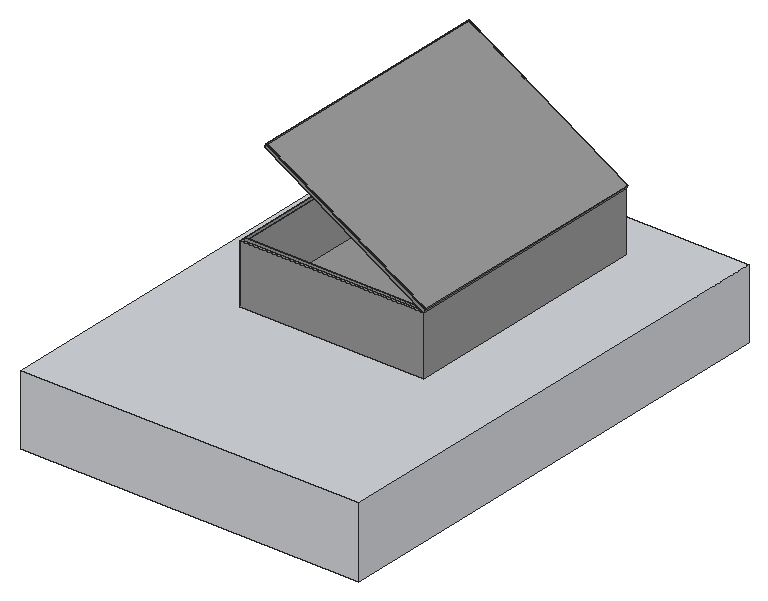
Revit family "Hager-Univers-IP55-D275-H1100-Cl.II-Steel_encl-SE-en", category Equipement électrique, Revit 2020
Family settings
  Hôte = Face
  Configuration du panneau = Deux colonnes, circuits au sein
  Cote de connecteur circulaire = Utiliser le diamètre
  Type d'élément = Tableau de raccordement
  Couper avec des vides une fois chargée = Non
  Partagée = Non
  Point de calcul de pièce = Non
Parameters (values of type "Surface mounted (plaster) IP55 W800 H1100 D275  - FR73S")
  Width Control [instance] = if([EF000008 - Width] > Min Width, [EF000008 - Width], Min Width)  # 800 mm
  Commentaires du type = [HG000003 - Range]  # "Univers"
  Thickness Door [instance] = if([EF009171 - Material plate thickness door/cover] > 3 mm, 3 mm, [EF009171 - Material plate thickness door/cover])  # 1.5 mm
  Seal Frame Offset [instance] = 17 mm  # constant formula
  Plinth Visibility [instance] = [HG000027 - Plinth height] > 0 mm  # no
  Model = ""
  Min Width [instance] = 100 mm  # constant formula
  Min Height [instance] = 100 mm  # constant formula
  Min Depth [instance] = (2 * [EF009170 - Material plate thickness cabinet]) + 1 mm  # 4 mm
  Internal Frame Depth [instance] = (Door System Depth * 0.5)  # 9 mm
  Height Control [instance] = if([EF000040 - Height] > Min Height, [EF000040 - Height], Min Height)  # 1100 mm
  HG000027 - Plinth height = 0 mm
  HG000026 - Floor standing = no
  HG000024 - Bottom section height = 800 mm
  HG000023 - Double section enclosure = no
  HG000016 - Door 3d visibility [instance] = yes
  HG000015 - Clearance visibility [instance] = no
  HG000014 - Door on the right [instance] = yes
  HG000013 - Door on the left [instance] = not([HG000014 - Door on the right])  # no
  HG000012 - Door swing angle [instance] = 30.00°
  HG000010 - Asymmetric doors = no
  HG000009 - Double swing door = no
  HG000006 - Flush mounted = no
  HG000004 - Manufacturer reference = "FR73S"
  HG000003 - Range = "Univers"
  HG000002 - With door or cover = yes
  Frame Offset Bottom [instance] = 10 mm  # constant formula
  Frame Offset [instance] = 15 mm  # constant formula
  EF015940 - Cover with overpressure release = no
  EF011959 - Degree of protection (NEMA) = ""
  EF009554 - Number of openings for flange plates = 6
  EF009212 - Cover model = "EV000116 - Closed"
  EF009171 - Material plate thickness door/cover = 1.5 mm
  EF009170 - Material plate thickness cabinet = 1.5 mm
  Fabricant = "Hager"  # constant formula
  EF008873 - Nominal current (In) = 800 A
  EF007800 - Suitable for lightning protection = no
  EF006306 - With lock = no
  EF006244 - Transparent cover/door = no
  EF005474 - Degree of protection (IP) = "EV006420 - IP55"
  EF004464 - Type of door = "EV002646 - Single"
  EF004427 - Number of modules = 252
  EF004293 - Impact strength = "EV008784 - IK10"
  EF003532 - Suitable for outdoor use = no
  EF002950 - Width in number of modular spacings = 24
  EF001613 - Circuit integrity = "EV000494 - None"
  EF001596 - Material housing = "EV000179 - Steel"
  EF001131 - Internal depth = 275 mm
  EF001088 - Extension possible = yes
  EF000437 - Number of conduit inlets = 6
  EF000339 - Type of cover = "EV004216 - Door"
  EF000266 - Number of rows = 7
  EF000218 - Built-in depth = 0 mm
  EF000118 - With mounting plate = no
  EF000116 - RAL-number = "7035"
  EF000049 - Depth = 275 mm
  EF000040 - Height = 1100 mm
  EF000008 - Width = 800 mm
  EF000007 - Colour = "EV000270 - Grey"
  EF000003 - Mounting method = "EV000384 - Surface mounted (plaster)"
  Door System Leaf Tolerance [instance] = 1.5 mm  # constant formula
  Door System Depth [instance] = 18 mm  # constant formula
  Door Height [instance] = Height Control - [HG000027 - Plinth height]  # 1100 mm
  Depth Control [instance] = if([EF000049 - Depth] > Min Depth, [EF000049 - Depth], Min Depth)  # 275 mm
  Default Elevation = 0 mm
  Connector Offset [instance] = Height Control / 2  # 550 mm
  Bottom Top Plate Trim [instance] = 1.5 mm  # constant formula
  Plinth height Ctrl [instance] = if([HG000027 - Plinth height] > 0 mm, [HG000027 - Plinth height], 12 mm)  # 12 mm
Types (5, lengths in mm): name | Width Control | HG000010 - Asymmetric doors | HG000009 - Double swing door | HG000004 - Manufacturer reference | EF009554 - Number of openings for flange plates | EF004464 - Type of door | EF004427 - Number of modules | EF000437 - Number of conduit inlets | EF000008 - Width
  Surface mounted (plaster) IP55 W1050 H1100 D275  - FR74S | 1050 | no | yes | "FR74S" | 8 | "EV003602 - Double" | 336 | 8 | 1050
  Surface mounted (plaster) IP55 W1300 H1100 D275  - FR75S | 1300 | yes | yes | "FR75S" | 10 | "EV003602 - Double" | 420 | 10 | 1300
  Surface mounted (plaster) IP55 W300 H1100 D275  - FR71S | 300 | no | no | "FR71S" | 2 | "EV002646 - Single" | 84 | 2 | 300
  Surface mounted (plaster) IP55 W550 H1100 D275  - FR72S | 550 | no | no | "FR72S" | 4 | "EV002646 - Single" | 168 | 4 | 550
  Surface mounted (plaster) IP55 W800 H1100 D275  - FR73S | 800 | no | no | "FR73S" | 6 | "EV002646 - Single" | 252 | 6 | 800
Reference planes
  plane 1 "Center (Front/Back)": y = 0
  plane 2: z = 0
  plane 3 "Center (Left/Right)": x = 0
  plane 4: z = 275
  plane 5: y = 1.5
  plane 6: y = 550
  plane 7: y = 0
  plane 8: y = 1100
  plane 9: z = 0
  plane 10: x = -385
  plane 11: x = 385
  plane 12: x = 383.5
  plane 13: x = -383.5
  plane 14: y = 1098.5
  plane 15: x = -383
  plane 16: x = -400
  plane 17: x = 383
  plane 18: x = 400
  plane 19: x = 398.5
  plane 20: x = -398.5
  plane 21: y = 11.5
  plane 22: y = 1100
  plane 23: y = 1083.5
  plane 24: z = 257
  plane 25: z = 1.5
  plane 26: z = 255.5
  plane 27: z = 273.5
Forms (mm)
  Extrusion 1, solid
    sketch origin (0, 0, 0) x (1, 0, 0) y (0, 1, 0)
      loop
        line (-702.964, 1305) -> (-702.964, -811.445) -> (766.763, -811.445) -> (766.763, 1305) -> (-702.964, 1305)
    from 0 to -304.8
  Extrusion 2, solid, material "Hager_Steel_RAL7035_Light_Grey", visible <- "Plinth Visibility", detail levels medium+fine
    sketch origin (0, 0, 0) x (1, 0, 0) y (0, 1, 0)
      loop
        line (-400, 0) -> (400, 0) -> (400, 12) -> (-400, 12) -> (-400, 0)
    from 0 to 257
  Extrusion 3, solid, material "Hager_Steel_RAL7035_Light_Grey", detail levels medium+fine
    sketch origin (0, 0, 0) x (1, 0, 0) y (0, 1, 0)
      loop
        line (-400, 0) -> (400, 0) -> (400, 1100) -> (-400, 1100) -> (-400, 0)
    from 0 to 257
  Extrusion 4, void
    sketch origin (0, 0, 0) x (1, 0, 0) y (0, 1, 0)
      loop
        line (-398.5, 1.5) -> (398.5, 1.5) -> (398.5, 1098.5) -> (-398.5, 1098.5) -> (-398.5, 1.5)
    from 1.5 to 255.5
  Extrusion 5, void
    sketch origin (-381.607, -4572, 257) x (0, -1, 0) y (-1, 0, 0)
      loop
        line (-4583.5, 1.893) -> (-5655.5, 1.893) -> (-5655.5, -765.107) -> (-4583.5, -765.107) -> (-4583.5, 1.893)
    from 0 to 1.5 <- "EF009170 - Material plate thickness cabinet"
  Extrusion 6, solid, material "Hager_Steel_RAL7035_Light_Grey", detail levels fine
    sketch origin (0, 0, 257) x (1, 0, 0) y (0, 1, 0)
      loop
        line (-383.5, 1083.5) -> (-383.5, 11.5) -> (383.5, 11.5) -> (383.5, 1083.5) -> (-383.5, 1083.5)
      loop
        line (-385, 10) -> (385, 10) -> (385, 1085) -> (-385, 1085) -> (-385, 10)
    from 0 to 9 <- "Internal Frame Depth"
  Extrusion 7, solid, material "Hager_Steel_RAL7035_Light_Grey", detail levels coarse
    sketch origin (0, 0, 0) x (1, 0, 0) y (0, 1, 0)
      loop
        line (-400, 0) -> (400, 0) -> (400, 1100) -> (-400, 1100) -> (-400, 0)
    from 0 to 275
  Sweep 8, void
    path in 3D
      loop
        line (-400, 12, 0) -> (400, 12, 0) -> (400, 12, 257) -> (-400, 12, 257) -> (-400, 12, 0)
    profile origin (-400, 12, 128.5) x (-1, 0, 0) y (0, -1, 0)
      loop
        line (0, 0) -> (0, 1.5) -> (-1.5, 1.5)
        arc (-1.5, 1.5) -> (-1.061, 0.439) -> (0, 0) r 1.5
Cuts and joins
  Extrusion 4, Extrusion 5 cuts Extrusion 3
  Sweep 8 cuts Extrusion 2
Lines and regions (mm)
  Masking region 1
    outline origin (0, 0, 0) x (1, 0, 0) y (0, 0, 1)
      loop
        line (-400, 275) -> (-400, 0) -> (400, 0) -> (400, 275) -> (-400, 275)
  Masking region 2, detail levels medium+fine
    outline origin (0, 140, 0) x (0, 1, 0) y (0, 0, 1)
      loop
        line (-140, 0) -> (960, 0) -> (960, 257) -> (-140, 257) -> (-140, 0)
  Masking region 3, not visible, detail levels medium+fine
    outline origin (0, 297.922, 0) x (0, 1, 0) y (0, 0, 1)
      loop
        line (263.578, 0) -> (303.578, 0) -> (303.578, 263.5)
        arc (303.578, 263.5) -> (300.649, 270.571) -> (293.578, 273.5) r 10
        line (293.578, 273.5) -> (263.578, 273.5) -> (263.578, 0)
  Masking region 4, detail levels coarse
    outline origin (0, 0, 180) x (0, 1, 0) y (0, 0, 1)
      loop
        line (0, -180) -> (1100, -180) -> (1100, 95) -> (0, 95) -> (0, -180)
  Masking region 5, visible <- "Plinth Visibility", detail levels medium+fine
    outline origin (0, 52.24, 12.345) x (0, 0, -1) y (0, 1, 0)
      loop
        line (10.845, -40.24) -> (-243.155, -40.24)
        arc (-243.155, -40.24) -> (-243.594, -41.301) -> (-244.655, -41.74) r 1.5
        line (-244.655, -41.74) -> (-244.655, -52.24) -> (12.345, -52.24) -> (12.345, -41.74)
        arc (12.345, -41.74) -> (11.285, -41.301) -> (10.845, -40.24) r 1.5
  Masking region 6, detail levels medium+fine
    outline origin (-381.607, -4572, 257) x (-1, 0, 0) y (0, -1, 0)
      loop
        line (18.393, -5672) -> (18.393, -4572) -> (-781.607, -4572) -> (-781.607, -5672) -> (18.393, -5672)
  Masking region 7, visible <- "Plinth Visibility", detail levels medium+fine
    outline origin (-381.607, -4727, 257) x (-1, 0, 0) y (0, -1, 0)
      loop
        arc (16.893, -4739) -> (17.332, -4737.939) -> (18.393, -4737.5) r 1.5
        line (18.393, -4737.5) -> (18.393, -4727) -> (-781.607, -4727) -> (-781.607, -4737.5)
        arc (-781.607, -4737.5) -> (-780.546, -4737.939) -> (-780.107, -4739) r 1.5
        line (-780.107, -4739) -> (16.893, -4739)
  Masking region 8, detail levels coarse
    outline origin (-442.548, -4669.526, 257) x (-1, 0, 0) y (0, -1, 0)
      loop
        line (-42.548, -5769.526) -> (-42.548, -4669.526) -> (-842.548, -4669.526) -> (-842.548, -5769.526) -> (-42.548, -5769.526)
  sketch lines
    curve 1: line (-400, 12, 257) -> (-400, 12, 0)
    curve 2: line (400, 12, 257) -> (-400, 12, 257)
    curve 3: line (400, 12, 257) -> (400, 12, 0)
    curve 4: line (-400, 12, 0) -> (400, 12, 0)
Dimensions and locks
  "Depth Control": plane 4 to Extrusion 1
  "HG000027 - Plinth height": plane 1 "Center (Front/Back)" to plane 7
  "EF009170 - Material plate thickness cabinet": plane 5 to plane 7
  locked: connector elem to plane 3 "Center (Left/Right)"
  equal spacing: plane 8, plane 6, plane 7
  locked: connector elem to plane 6
  "EF009170 - Material plate thickness cabinet": plane 8 to plane 14
  "EF009170 - Material plate thickness cabinet": plane 10 to plane 13
  "EF009170 - Material plate thickness cabinet": plane 12 to plane 11
  "Frame Offset": plane 20 to plane 13
  "Frame Offset": plane 12 to plane 19
  "EF009170 - Material plate thickness cabinet": plane 16 to plane 20
  "EF009170 - Material plate thickness cabinet": plane 19 to plane 18
  "Seal Frame Offset": plane 16 to plane 15
  "Seal Frame Offset": plane 17 to plane 18
  "Frame Offset Bottom": plane 21 to plane 5
  "Frame Offset": plane 14 to plane 23
  equal spacing: plane 16, plane 3 "Center (Left/Right)", plane 18
  "Width Control": plane 16 to plane 18
  "EF009170 - Material plate thickness cabinet": plane 4 to plane 27
  "EF009170 - Material plate thickness cabinet": plane 24 to plane 26
  "EF009170 - Material plate thickness cabinet": plane 25 to level
  "Door System Depth": plane 4 to plane 24
  "Height Control": plane 1 "Center (Front/Back)" to Extrusion 7 sketch curve
  "Height Control": Masking region 4 sketch curve to plane 1 "Center (Front/Back)"
  "Height Control": plane 1 "Center (Front/Back)" to plane 22
  "Bottom Top Plate Trim": profile plane to Sweep 8 sketch curve
  "Bottom Top Plate Trim": Sweep 8 sketch curve to profile plane
  "Plinth height Ctrl": plane 1 "Center (Front/Back)" to Extrusion 2 sketch curve
  "Plinth height Ctrl": Masking region 5 sketch curve to plane 1 "Center (Front/Back)"
  "Plinth height Ctrl": plane 1 "Center (Front/Back)" to Masking region 7 sketch curve
  "Thickness Door": Extrusion 6 sketch curve to Extrusion 6 sketch curve  (x3)
  "Thickness Door": cut or joined group of Extrusion 3, Extrusion 4, Extrusion 5 to Extrusion 6 sketch curve
  radius of Masking region 3 sketch curve = 10 mm
  "Bottom Top Plate Trim": radius of Masking region 5 sketch curve  (x2)
  "Bottom Top Plate Trim": radius of Sweep 8 sketch curve
  "Bottom Top Plate Trim": radius of Masking region 7 sketch curve  (x2)
  aligned and locked: plane 2 to Extrusion 1
  aligned and locked: level to Extrusion 1
  aligned and locked: level to Masking region 1 sketch curve
  aligned and locked: Masking region 1 sketch curve to plane 18
  aligned and locked: Masking region 1 sketch curve to plane 16
  aligned and locked: plane 7 to Masking region 2 sketch curve
  aligned and locked: level to Masking region 3 sketch curve
  aligned and locked: Masking region 3 sketch curve to plane 27
  aligned and locked: level to Masking region 2 sketch curve
  aligned and locked: plane 1 "Center (Front/Back)" to Extrusion 2 sketch curve
  aligned and locked: Extrusion 3 sketch curve to plane 7
  aligned and locked: plane 16 to Extrusion 3 sketch curve
  aligned and locked: plane 18 to Extrusion 3 sketch curve
  aligned and locked: plane 20 to Extrusion 4 sketch curve
  aligned and locked: plane 19 to Extrusion 4 sketch curve
  aligned and locked: Extrusion 4 sketch curve to plane 5
  aligned and locked: Extrusion 4 to plane 25
  aligned and locked: plane 26 to Extrusion 4
  aligned and locked: plane 24 to Extrusion 3
  aligned and locked: Extrusion 5 sketch curve to plane 21
  aligned and locked: Extrusion 5 sketch curve to plane 13
  aligned and locked: Extrusion 5 sketch curve to plane 12
  aligned and locked: plane 18 to Extrusion 7 sketch curve
  aligned and locked: plane 1 "Center (Front/Back)" to Extrusion 7 sketch curve
  aligned and locked: plane 16 to Extrusion 7 sketch curve
  aligned and locked: plane 4 to Extrusion 7
  aligned and locked: Extrusion 7 to level
  aligned and locked: level to Masking region 4 sketch curve
  aligned and locked: Masking region 4 sketch curve to plane 1 "Center (Front/Back)"
  aligned and locked: Masking region 4 sketch curve to plane 4
  aligned and locked: nested 1 to level
  aligned and locked: nested 1 to plane 16
  aligned and locked: plane 8 to Extrusion 3 sketch curve
  aligned and locked: plane 23 to Extrusion 5 sketch curve
  aligned and locked: plane 14 to Extrusion 4 sketch curve
  aligned and locked: Masking region 2 sketch curve to plane 8
  aligned and locked: level to Masking region 5 sketch curve
  aligned and locked: plane 16 to Extrusion 2 sketch curve
  aligned and locked: plane 18 to Extrusion 2 sketch curve
  aligned and locked: Masking region 5 sketch curve to plane 24
  aligned and locked: Masking region 2 sketch curve to plane 24
  aligned and locked: plane 24 to Extrusion 2
  aligned and locked: profile plane to Sweep 8 sketch curve  (x2)
  aligned and locked: Masking region 6 sketch curve to plane 18
  aligned and locked: Masking region 6 sketch curve to plane 22
  aligned and locked: Masking region 6 sketch curve to plane 16
  aligned and locked: plane 8 to plane 22
  aligned and locked: Masking region 6 sketch curve to plane 7
  aligned and locked: Masking region 7 sketch curve to plane 16
  aligned and locked: Masking region 7 sketch curve to plane 1 "Center (Front/Back)"
  aligned and locked: Masking region 7 sketch curve to plane 18
  aligned and locked: Masking region 8 sketch curve to plane 1 "Center (Front/Back)"
  aligned and locked: Masking region 8 sketch curve to plane 18
  aligned and locked: Masking region 8 sketch curve to plane 22
  aligned and locked: Masking region 8 sketch curve to plane 16
  aligned and locked: nested 2 to plane 7
  aligned and locked: plane 3 "Center (Left/Right)" to nested 2
  aligned and locked: nested 2 to plane 24
  aligned and locked: Extrusion 6 sketch curve to cut or joined group of Extrusion 3, Extrusion 4, Extrusion 5  (x4)
Automatic sketch dimensions
  Extrusion 1 sketch curve to Extrusion 1 sketch curve = 1469.727 mm
  Extrusion 1 sketch curve to Extrusion 1 sketch curve = 2116.445 mm
  Masking region 1 sketch curve to plane 4 = 0 mm
  plane 6 to Masking region 3 sketch curve = 11.5 mm
  Masking region 3 sketch curve to Masking region 3 sketch curve = 30 mm
  Masking region 5 sketch curve to plane 1 "Center (Front/Back)" = 0 mm
Nested families
  nested 1: "Hager_Enclosure_Symbol" at (-400, 0, 0) x (1, 0, 0) z (0, -1, 0), Height <- "Depth Control", Width <- "Width Control", type "Hager_Enclosure_Symbol"
    with Width_Ctrl 800 mm, Width 800 mm, Height_Ctrl 275 mm, Height 275 mm, A_Width_Int 18.047 mm, A_Width 216.562 mm, A_Height_Ctrl 240.625 mm, A_Height 240.625 mm
  nested 2: "EC000058_Univers_Door" at (0, 0, 257) x (1, 0, 0) z (0, 1, 0), Leaf_Tolerance <- "Door System Leaf Tolerance", Angle <- "HG000012 - Door swing angle", Door_Depth <- "Door System Depth", Door_Left <- "HG000013 - Door on the left", Transparent <- "EF006244 - Transparent cover/door", Assymetrical <- "HG000010 - Asymmetric doors", Width <- "Width Control", Clearance <- "HG000015 - Clearance visibility", Double <- "HG000009 - Double swing door", 3d_Door <- "HG000016 - Door 3d visibility", Lock_Visibility <- "EF006306 - With lock", Width_Ctrl <- "Width Control", Door_Right <- "HG000014 - Door on the right", Door <- "HG000002 - With door or cover", Height <- "Door Height", Thickness <- "Thickness Door", type "EC000058_Univers_Door", detail levels medium+fine
    with min_wh 4 mm, Width_Ctrl 800 mm, Width 800 mm, Transparent no, Thickness 1.5 mm, Seal_Material Hager_Rubber, Lock_Visibility no, Lock_Material Hager_Plastic_RAL9005_Jet_Black, Leaf_Width 800 mm, Leaf_Tolerance_External_Sides 0 mm, Leaf_Tolerance 1.5 mm, Leaf_Offset 0 mm, Leaf_Height 1097 mm, Leaf_2_Width 800 mm, Leaf_2_Offset 400 mm, Leaf_1_Width 800 mm, Leaf_1_Offset 400 mm, Height_Ctrl 1100 mm, Height 1100 mm, Glass_Material Hager_Glass, Double_Clearance_Ctrl no, Double no, Door_Right_Ctrl yes, Door_Right yes, Door_Material Hager_Steel_RAL7035_Light_Grey, Door_Left_Ctrl no, Door_Left no, Door_Depth 18 mm, Door yes, Clearance_Material Hager_Clearance, Clearance_Depth 800 mm, Clearance_Ctrl no, Clearance no, Assymetrical no, Angle 30.00°, 3d_Door yes
Connectors
  electrical at (0, 550, 0)
    settings: on plane 9, index 1, voltage 0 V, apparent load 0 VA, apparent load phase1 0 VA, apparent load phase2 0 VA, apparent load phase3 0 VA, power factor 1, load classification "Other", number of poles 1, system type 30, power factor state 1, is connector primary yes, connector utility no, sub classification motor no, connector description ""
Definition of nested family "EC000058_Univers_Door"
  Parameters (values of type "EC000058_Univers_Door")
    min_wh [instance] = (2 * Thickness) + 1 mm  # 11 mm
    Width_Ctrl [instance] = 400 mm
    Width [instance] = 500 mm
    Transparent [instance] = yes
    Thickness [instance] = 5 mm
    Seal_Material [instance] = none
    Lock_Visibility [instance] = yes
    Lock_Material [instance] = none
    Leaf_Width [instance] = if((Width_Ctrl - 2 * Leaf_Tolerance_External_Sides) > 0 mm, (Width_Ctrl - 2 * Leaf_Tolerance_External_Sides), min_wh)  # 400 mm
    Leaf_Tolerance_External_Sides [instance] = 0 mm  # constant formula
    Leaf_Tolerance [instance] = 1.5 mm
    Leaf_Offset [instance] = 0 mm  # constant formula
    Leaf_Height [instance] = if((Height_Ctrl - 2 * Leaf_Tolerance) > 0 mm, (Height_Ctrl - 2 * Leaf_Tolerance), min_wh)  # 497 mm
    Leaf_2_Width [instance] = if(and(and(Double, Assymetrical), Door_Left), (Leaf_Width / 3) - (Leaf_Tolerance / 2), if(and(and(Double, Assymetrical), Door_Right), (Leaf_Width / 3) * 2 - (Leaf_Tolerance / 2), if(and(Double, not(Assymetrical)), (Leaf_Width / 2) - Leaf_Tolerance, Leaf_Width)))  # 400 mm
    Leaf_2_Offset [instance] = if(and(Double, Assymetrical), Leaf_2_Width / 2, if(and(Double, not(Assymetrical)), Leaf_Width / 4, Leaf_Width / 2))  # 200 mm
    Leaf_1_Width [instance] = if(and(and(Double, Assymetrical), Door_Right), (Leaf_Width / 3) - (Leaf_Tolerance / 2), if(and(and(Double, Assymetrical), Door_Left), (Width / 3) * 2 - (Leaf_Tolerance / 2), if(and(Double, not(Assymetrical)), (Leaf_Width / 2) - Leaf_Tolerance, Leaf_Width)))  # 400 mm
    Leaf_1_Offset [instance] = if(and(Double, Assymetrical), Leaf_1_Width / 2, if(and(Double, not(Assymetrical)), Leaf_Width / 4, Leaf_Width / 2))  # 200 mm
    Height_Ctrl [instance] = if(Height > min_wh, Height, min_wh)  # 500 mm
    Height [instance] = 500 mm
    Glass_Material [instance] = none
    Double_Clearance_Ctrl [instance] = and(Double, Clearance)  # no
    Double [instance] = no
    Door_Right_Ctrl [instance] = and(or(Door_Right, Double), Door)  # yes
    Door_Right [instance] = yes
    Door_Material [instance] = none
    Door_Left_Ctrl [instance] = and(or(Door_Left, Double), Door)  # no
    Door_Left [instance] = no
    Door_Depth [instance] = 30 mm
    Door [instance] = yes
    Default Elevation = 1219.2 mm
    Clearance_Material [instance] = none
    Clearance_Depth [instance] = if(Leaf_1_Width > Leaf_2_Width, Leaf_1_Width, Leaf_2_Width)  # 400 mm
    Clearance_Ctrl [instance] = and(not(Double), Clearance)  # yes
    Clearance [instance] = yes
    Assymetrical [instance] = yes
    Angle [instance] = 30.00°
    3d_Door [instance] = yes
  Reference planes
    plane 1 "Center (Front/Back)": y = 0
    plane 2 "Bottom": z = 0
    plane 3 "Center (Left/Right)": x = 0
    plane 4: z = 500
    plane 5: x = -200
    plane 6: x = 200
    plane 7: z = 500
    plane 8: x = -200
    plane 9: z = 0
    plane 10: x = 200
    plane 11: y = 0
    plane 12: z = 1.5
    plane 13: x = -600
    plane 14: y = -400
    plane 15: x = 600
    plane 16: x = 0
    plane 17: x = 0
    plane 18: x = -200
    plane 19: x = 200
    plane 20: z = 498.5
  Forms (mm)
    Extrusion 1, solid, material <- "Clearance_Material", visible <- "Double_Clearance_Ctrl"
      sketch origin (1200, 0, 0) x (1, 0, 0) y (0, 0, -1)
        loop
          line (-1800, -498.5) -> (-600, -498.5) -> (-600, 0) -> (-1800, 0) -> (-1800, -498.5)
      from 0 to -400
  Dimensions and locks
    equal spacing: plane 5, plane 3 "Center (Left/Right)", plane 6
    "Width_Ctrl": plane 5 to plane 6
    "Leaf_Offset": plane 5 to plane 8
    "Leaf_Offset": plane 6 to plane 10
    "Leaf_Offset": plane 9 to level
    "Leaf_Offset": plane 4 to plane 7
    "Height_Ctrl": plane 4 to level
    "Leaf_Tolerance": plane 12 to plane 9
    locked: plane 11 to plane 1 "Center (Front/Back)"
    "Leaf_1_Offset": plane 18 to plane 16
    "Leaf_2_Offset": plane 17 to plane 19
    "Leaf_1_Width": plane 13 to plane 8
    "Leaf_2_Width": plane 10 to plane 15
    "Clearance_Depth": plane 14 to plane 1 "Center (Front/Back)"
    "Leaf_Tolerance_External_Sides": plane 8 to plane 18
    "Leaf_Tolerance_External_Sides": plane 19 to plane 10
    "Leaf_Tolerance": plane 7 to plane 20
    aligned and locked: level to plane 2 "Bottom"
    aligned and locked: nested 1 to plane 16
    aligned and locked: nested 2 to plane 17
    aligned and locked: Extrusion 1 to plane 13
    aligned and locked: plane 15 to Extrusion 1
    aligned and locked: Extrusion 1 to plane 14
    aligned and locked: plane 12 to nested 1
    aligned and locked: nested 2 to plane 12
    aligned and locked: Extrusion 1 to plane 11
    aligned and locked: plane 20 to Extrusion 1
    aligned and locked: nested 2 to plane 11
    aligned and locked: nested 1 to plane 11
  Automatic sketch dimensions
    Extrusion 1 sketch curve to level = 0 mm
    plane 5 to Extrusion 1 sketch curve = 400 mm
    plane 6 to Extrusion 1 sketch curve = 400 mm
    Extrusion 1 sketch curve to plane 4 = 1.5 mm
  Nested families
    nested 1: "EC000058_Univers_Door_Leaf" at (0, 0, 1.5), Width <- "Leaf_1_Width", visible <- "Door_Left_Ctrl", Leaf_Height <- "Leaf_Height", Angle <- "Angle", 3d_Door <- "3d_Door", Transparent <- "Transparent", Clearance Material <- "Clearance_Material", Clearance <- "Clearance_Ctrl", Door_Material <- "Door_Material", Glass_Material <- "Glass_Material", Door_Depth <- "Door_Depth", Lock_Material <- "Lock_Material", Seal_Material <- "Seal_Material", Lock_Visibility <- "Lock_Visibility", Thickness <- "Thickness", type "EC000058_Univers_Door_Leaf"
      with Width 400 mm, Transparent_Glass_Offset 30 mm, Transparent_Ctrl yes, Transparent yes, Thickness 5 mm, Standard no, Seal_Material none, Seal_D2 8 mm, Seal_D1 1 mm, Offset_Internal_Frame 10 mm, Lock_Width 20 mm, Lock_Visibility_3d yes, Lock_Visibility yes, Lock_Thickness_3 3 mm, Lock_Thickness_2 1 mm, Lock_Thickness_1 3 mm, Lock_Radius_Offset_2 16 mm, Lock_Radius_Offset_1 15 mm, Lock_Radius_2 5 mm, Lock_Radius 6 mm, Lock_Offset 5 mm, Lock_Material none, Lock_Height 80 mm, Lock_Cover_Top_Offset_2d 17 mm, Lock_Cover_Height -65 mm, Leaf_Height 497 mm, Internal_Seal_Thickness 8 mm, Internal_Seal_Depth_2 4.5 mm, Internal_Frame_Depth 25 mm, Glass_Thickness -1 mm, Glass_Offset -2 mm, Glass_Material none, Door_Material none, Door_Depth 30 mm, Clearance Material none, Clearance yes, Angle_Ctrl 30.00°, Angle 30.00°, 3d_Door yes
    nested 2: "EC000058_Univers_Door_Leaf" at (0, 0, 1.5) x (-1, 0, 0) z (0, 0, 1), Width <- "Leaf_2_Width", visible <- "Door_Right_Ctrl", Leaf_Height <- "Leaf_Height", Angle <- "Angle", 3d_Door <- "3d_Door", Transparent <- "Transparent", Clearance Material <- "Clearance_Material", Clearance <- "Clearance_Ctrl", Door_Material <- "Door_Material", Glass_Material <- "Glass_Material", Door_Depth <- "Door_Depth", Lock_Material <- "Lock_Material", Seal_Material <- "Seal_Material", Lock_Visibility <- "Lock_Visibility", Thickness <- "Thickness", type "EC000058_Univers_Door_Leaf"
      with Width 400 mm, Transparent_Glass_Offset 30 mm, Transparent_Ctrl yes, Transparent yes, Thickness 5 mm, Standard no, Seal_Material none, Seal_D2 8 mm, Seal_D1 1 mm, Offset_Internal_Frame 10 mm, Lock_Width 20 mm, Lock_Visibility_3d yes, Lock_Visibility yes, Lock_Thickness_3 3 mm, Lock_Thickness_2 1 mm, Lock_Thickness_1 3 mm, Lock_Radius_Offset_2 16 mm, Lock_Radius_Offset_1 15 mm, Lock_Radius_2 5 mm, Lock_Radius 6 mm, Lock_Offset 5 mm, Lock_Material none, Lock_Height 80 mm, Lock_Cover_Top_Offset_2d 17 mm, Lock_Cover_Height -65 mm, Leaf_Height 497 mm, Internal_Seal_Thickness 8 mm, Internal_Seal_Depth_2 4.5 mm, Internal_Frame_Depth 25 mm, Glass_Thickness -1 mm, Glass_Offset -2 mm, Glass_Material none, Door_Material none, Door_Depth 30 mm, Clearance Material none, Clearance yes, Angle_Ctrl 30.00°, Angle 30.00°, 3d_Door yes
  Definition of nested family "EC000058_Univers_Door_Leaf"
    Parameters (values of type "EC000058_Univers_Door_Leaf")
      Width [instance] = 2000 mm
      Transparent_Glass_Offset [instance] = 30 mm
      Transparent_Ctrl [instance] = and(Transparent, [3d_Door])  # yes
      Transparent [instance] = yes
      Thickness [instance] = 5 mm
      Standard [instance] = and(not(Transparent), [3d_Door])  # no
      Seal_Material [instance] = none
      Seal_D2 [instance] = 8 mm  # constant formula
      Seal_D1 [instance] = 1 mm  # constant formula
      Offset_Internal_Frame [instance] = 10 mm  # constant formula
      Lock_Width [instance] = 20 mm  # constant formula
      Lock_Visibility_3d [instance] = and(Lock_Visibility, [3d_Door])  # yes
      Lock_Visibility [instance] = yes
      Lock_Thickness_3 [instance] = 3 mm  # constant formula
      Lock_Thickness_2 [instance] = 1 mm  # constant formula
      Lock_Thickness_1 [instance] = 3 mm  # constant formula
      Lock_Radius_Offset_2 [instance] = Lock_Radius_Offset_1 + 1 mm  # 16 mm
      Lock_Radius_Offset_1 [instance] = 15 mm  # constant formula
      Lock_Radius_2 [instance] = Lock_Radius - 1 mm  # 5 mm
      Lock_Radius [instance] = 6 mm  # constant formula
      Lock_Offset [instance] = 5 mm  # constant formula
      Lock_Material [instance] = none
      Lock_Height [instance] = 80 mm  # constant formula
      Lock_Cover_Top_Offset_2d [instance] = Lock_Radius_Offset_2 + 1 mm  # 17 mm
      Lock_Cover_Height [instance] = -(Lock_Height - Lock_Radius_Offset_1)  # -65 mm
      Leaf_Height [instance] = 2720.336 mm
      Internal_Seal_Thickness [instance] = 8 mm  # constant formula
      Internal_Seal_Depth_2 [instance] = 4.5 mm  # constant formula
      Internal_Frame_Depth [instance] = if(Door_Depth - Thickness > 5 mm, Door_Depth - Thickness, 5 mm)  # 25 mm
      Glass_Thickness [instance] = if(Thickness > 15 mm, Glass_Offset + 10 mm, -1 mm)  # -1 mm
      Glass_Offset [instance] = if(Thickness > 15 mm, -(Thickness + 10 mm) / 2, -2 mm)  # -2 mm
      Glass_Material [instance] = none
      Door_Material [instance] = none
      Door_Depth [instance] = 30 mm
      Default Elevation = 0 mm
      Clearance Material [instance] = none
      Clearance [instance] = yes
      Angle_Ctrl [instance] = if(Angle > 180.00°, 180.00°, Angle)  # 90.00°
      Angle [instance] = 90.00°
      3d_Door [instance] = yes
    Reference planes
      plane 1 "Center (Front/Back)": y = 0
      plane 2: z = 0
      plane 3 "Center (Left/Right)": x = 0
      plane 4: y = 2000
      plane 5: x = -1000
      plane 6: x = 1000
      plane 7: x = -3000
      plane 8: z = 2720.336
      plane 9: z = 30
      plane 10: z = 2690.336
      plane 11: x = 970
      plane 12: x = -970
      plane 13: y = -3
      plane 14: z = 107.833
      plane 15: y = -5
      plane 16: y = -223.314
      plane 17: x = -1000
      plane 18: z = 1360.168
      plane 19: y = 30
    Forms (mm)
      Extrusion 1, solid, material <- "Clearance Material", visible <- "Clearance"
        sketch origin (0, 0, 0) x (1, 0, 0) y (0, 0, 1)
          loop
            line (-3000, 2720.336) -> (-3000, 0) -> (1000, 0) -> (1000, 2720.336) -> (-3000, 2720.336)
        from 0 to -2000
      Extrusion 2, solid, material <- "Door_Material", visible <- "Standard", detail levels medium+fine
        sketch origin (-1000, 0, 0) x (0, 1, 0) y (-1, 0, 0)
          loop
            line (0, 30) -> (0, 25) -> (2000, 25) -> (2000, 30) -> (0, 30)
        from 0 to 2720.336 <- "Leaf_Height"
      Extrusion 3, solid, material <- "Door_Material", visible <- "Transparent_Ctrl", detail levels medium+fine
        sketch origin (-1000, 0, 0) x (0, 1, 0) y (-1, 0, 0)
          loop
            line (0, 25) -> (2000, 25) -> (2000, 30) -> (0, 30) -> (0, 25)
        from 0 to 2720.336 <- "Leaf_Height"
      Extrusion 4, void
        sketch origin (-1025, 2000, 0) x (0, 1, 0) y (0, 0, -1)
          loop
            line (-30, -2690.336) -> (-30, -30) -> (-1970, -30) -> (-1970, -2690.336) -> (-30, -2690.336)
        from 0 to 5 <- "Thickness"
      Sweep 5, solid, material <- "Seal_Material", visible <- "Transparent_Ctrl", detail levels fine
        path in 3D
          loop
            line (-1025, 30, 30) -> (-1025, 30, 2690.336) -> (-1025, 1970, 2690.336) -> (-1025, 1970, 30) -> (-1025, 30, 30)
        profile origin (-1025, 1000, 30) x (1, 0, 0) y (0, 0, 1)
          loop
            line (0, 0) -> (0, -8) -> (1, -8) -> (1, 0) -> (0, 0)
      Extrusion 6, solid, material <- "Glass_Material", visible <- "Transparent_Ctrl", detail levels medium+fine
        sketch origin (-1030, 0, 0) x (0, 1, 0) y (0, 0, -1)
          loop
            line (1970, -2690.336) -> (1970, -30) -> (30, -30) -> (30, -2690.336) -> (1970, -2690.336)
        from -2 <- "Glass_Offset" to -1 <- "Glass_Thickness"
      Extrusion 7, solid, material <- "Door_Material", visible <- "3d_Door", detail levels medium+fine
        sketch origin (-1025, 2000, 0) x (0, -1, 0) y (0, 0, -1)
          loop
            line (0, -2720.336) -> (2000, -2720.336) -> (2000, 0) -> (0, 0) -> (0, -2720.336)
          loop
            line (1995, -5) -> (5, -5) -> (5, -2715.336) -> (1995, -2715.336) -> (1995, -5)
        from 0 to 25 <- "Internal_Frame_Depth"
      Sweep 8, solid, material <- "Seal_Material", visible <- "Transparent_Ctrl", detail levels fine
        path in 3D
          loop
            line (-1025, 0, 0) -> (-1025, 2000, 0) -> (-1025, 2000, 2720.336) -> (-1025, 0, 2720.336) -> (-1025, 0, 0)
        profile origin (-1025, 0, 1360.168) x (1, 0, 0) y (0, 1, 0)
          loop
            line (0, 10) -> (2.975, 10)
            arc (2.975, 10) -> (4.053, 10.447) -> (4.5, 11.525) r 1.525
            line (4.5, 11.525) -> (4.5, 16.527)
            arc (4.5, 16.527) -> (4.069, 17.569) -> (3.027, 18) r 1.473
            line (3.027, 18) -> (0, 18) -> (0, 10)
      Extrusion 9, solid, material <- "Lock_Material", visible <- "Lock_Visibility_3d", detail levels fine
        sketch origin (-1030, 0, 0) x (0, 1, 0) y (0, 0, -1)
          loop
            arc (1993.5, -1400.168) -> (1994.561, -1399.729) -> (1995, -1398.668) r 1.5
            line (1995, -1398.668) -> (1995, -1320.168) -> (1975, -1320.168) -> (1975, -1398.668)
            arc (1975, -1398.668) -> (1975.439, -1399.729) -> (1976.5, -1400.168) r 1.5
            line (1976.5, -1400.168) -> (1993.5, -1400.168)
        from 3 <- "Lock_Thickness_1" to 0
      Blend 10, solid, material <- "Lock_Material", visible <- "Lock_Visibility_3d", detail levels fine
        base sketch origin (-1033, 0, 0) x (0, 1, 0) y (0, 0, -1)
          loop
            line (1975, -1320.168) -> (1975, -1398.668)
            arc (1975, -1398.668) -> (1975.439, -1399.729) -> (1976.5, -1400.168) r 1.5
            line (1976.5, -1400.168) -> (1993.5, -1400.168)
            arc (1993.5, -1400.168) -> (1994.561, -1399.729) -> (1995, -1398.668) r 1.5
            line (1995, -1398.668) -> (1995, -1320.168) -> (1975, -1320.168)
        top sketch origin (-1033, 0, 0) x (0, 1, 0) y (0, 0, -1)
          loop
            line (1976, -1320.168) -> (1976, -1398.668)
            arc (1976, -1398.668) -> (1976.146, -1399.022) -> (1976.5, -1399.168) r 0.5
            line (1976.5, -1399.168) -> (1993.5, -1399.168)
            arc (1993.5, -1399.168) -> (1993.854, -1399.022) -> (1994, -1398.668) r 0.5
            line (1994, -1398.668) -> (1994, -1320.168) -> (1976, -1320.168)
        from 0 to 1 <- "Lock_Thickness_2"
      Blend 11, solid, material <- "Lock_Material", visible <- "Lock_Visibility_3d", detail levels fine
        base sketch origin (-1034, 0, 0) x (0, 1, 0) y (0, 0, -1)
          loop
            line (1978, -1320.168) -> (1978, -1384.168)
            arc (1978, -1384.168) -> (1985, -1391.168) -> (1992, -1384.168) r 7
            line (1992, -1384.168) -> (1992, -1320.168) -> (1978, -1320.168)
        top sketch origin (-1034, 0, 0) x (0, 1, 0) y (0, 0, -1)
          loop
            line (1991, -1320.168) -> (1979, -1320.168) -> (1979, -1383.168)
            arc (1979, -1383.168) -> (1985, -1389.168) -> (1991, -1383.168) r 6
            line (1991, -1383.168) -> (1991, -1320.168)
        from 0 to 3 <- "Lock_Thickness_3"
      Extrusion 12, solid, material <- "Lock_Material", visible <- "Lock_Visibility_3d", detail levels fine
        sketch origin (-1030, 1975, 1320.168) x (1, 0, 0) y (0, -1, 0)
          loop
            line (-7, -19) -> (-7, -1) -> (0, -1) -> (0, 0) -> (-8, 0) -> (-8, -20) -> (0, -20) -> (0, -19) -> (-7, -19)
        from 0 to -65 <- "Lock_Cover_Height"
      Extrusion 13, void
        sketch origin (-1038, 1995, 1320.168) x (-1, 0, 0) y (0, 0, -1)
          loop
            line (-5, -65) -> (0, -65) -> (-5, -60) -> (-5, -65)
        from 0 to 20 <- "Lock_Width"
      Extrusion 14, void
        sketch origin (-1038, 1975, 1320.168) x (0, -1, 0) y (0, 0, -1)
          loop
            circle (-10, -15.995) r 6
          loop
            circle (-10, -15.995) r 5
        from 0 to 2
      Extrusion 15, solid, material <- "Lock_Material", visible <- "Lock_Visibility_3d", detail levels medium
        sketch origin (-1030, 0, 0) x (0, 1, 0) y (0, 0, -1)
          loop
            arc (1993.5, -1400.168) -> (1994.561, -1399.729) -> (1995, -1398.668) r 1.5
            line (1995, -1398.668) -> (1995, -1320.168) -> (1975, -1320.168) -> (1975, -1398.668)
            arc (1975, -1398.668) -> (1975.439, -1399.729) -> (1976.5, -1400.168) r 1.5
            line (1976.5, -1400.168) -> (1993.5, -1400.168)
        from 8 to 0
    Cuts and joins
      Extrusion 4 cuts Extrusion 3
      Extrusion 13, Extrusion 14 cuts Extrusion 9
      Extrusion 14 cuts Blend 11
      Extrusion 13, Extrusion 14 cuts Extrusion 12
      joined: Extrusion 9, Blend 10, Blend 11, Extrusion 12
      Extrusion 14 cuts Extrusion 15
    Lines and regions (mm)
      Masking region 1, visible <- "Lock_Visibility", detail levels fine
        outline origin (0, 0, 0) x (0, 1, 0) y (0, 0, 1)
          loop
            line (30, 1320.168) -> (33, 1320.168) -> (33, 1400.168) -> (30, 1400.168) -> (30, 1320.168)
      Masking region 2, visible <- "Lock_Visibility", detail levels fine
        outline origin (0, 3.143, 0) x (0, 1, 0) y (0, 0, 1)
          loop
            line (29.857, 1354.168) -> (30.857, 1354.168) -> (30.857, 1366.168) -> (29.857, 1366.168) -> (29.857, 1354.168)
      Masking region 3, detail levels medium+fine
        outline origin (0, 0, 0) x (0, 1, 0) y (0, 0, 1)
          loop
            line (0, 0) -> (30, 0) -> (30, 2720.336) -> (0, 2720.336) -> (0, 0)
      Masking region 4, detail levels medium+fine
        outline origin (0, 0, 0) x (1, 0, 0) y (0, 0, 1)
          loop
            line (-1000, 2720.336) -> (-1000, 0) -> (1000, 0) -> (1000, 2720.336) -> (-1000, 2720.336)
      Masking region 5, visible <- "Lock_Visibility", detail levels fine
        outline origin (-47.116, 0, 0) x (1, 0, 0) y (0, 0, 1)
          loop
            arc (1024.616, 1399.168) -> (1023.556, 1398.729) -> (1023.116, 1397.668) r 1.5
            line (1023.116, 1397.668) -> (1023.116, 1320.168) -> (1041.116, 1320.168) -> (1041.116, 1397.668)
            arc (1041.116, 1397.668) -> (1040.677, 1398.729) -> (1039.616, 1399.168) r 1.5
            line (1039.616, 1399.168) -> (1024.616, 1399.168)
      Masking region 6, visible <- "Lock_Visibility", detail levels medium+fine
        outline origin (-25, 0, 0) x (1, 0, 0) y (0, 0, 1)
          loop
            arc (1001.5, 1400.168) -> (1000.439, 1399.729) -> (1000, 1398.668) r 1.5
            line (1000, 1398.668) -> (1000, 1320.168) -> (1020, 1320.168) -> (1020, 1398.668)
            arc (1020, 1398.668) -> (1019.561, 1399.729) -> (1018.5, 1400.168) r 1.5
            line (1018.5, 1400.168) -> (1001.5, 1400.168)
      Masking region 7, visible <- "Lock_Visibility", detail levels fine
        outline origin (-73.735, 0, 0) x (1, 0, 0) y (0, 0, 1)
          loop
            line (1051.735, 1382.168) -> (1065.735, 1382.168) -> (1065.735, 1384.168)
            arc (1065.735, 1384.168) -> (1058.735, 1391.168) -> (1051.735, 1384.168) r 7
            line (1051.735, 1384.168) -> (1051.735, 1382.168)
      Masking region 8, visible <- "Lock_Visibility", detail levels fine
        outline origin (-73.735, 0, 0) x (1, 0, 0) y (0, 0, 1)
          loop
            line (1052.735, 1382.168) -> (1064.735, 1382.168) -> (1064.735, 1383.168)
            arc (1064.735, 1383.168) -> (1058.735, 1389.168) -> (1052.735, 1383.168) r 6
            line (1052.735, 1383.168) -> (1052.735, 1382.168)
      Masking region 9, visible <- "Lock_Visibility", detail levels fine
        outline origin (-25, 0, 0) x (1, 0, 0) y (0, 0, 1)
          loop
            line (1020, 1320.168) -> (1020, 1382.168) -> (1000, 1382.168) -> (1000, 1320.168) -> (1020, 1320.168)
      Masking region 10, detail levels medium+fine
        outline origin (0, 0, 0) x (1, 0, 0) y (0, 0, 1)
          loop
            circle (985, 1335.144) r 6
      Masking region 11, detail levels fine
        outline origin (0, 0, 0) x (1, 0, 0) y (0, 0, 1)
          loop
            circle (985, 1335.144) r 5
      Masking region 12, visible <- "Lock_Visibility", detail levels fine
        outline origin (0, 12.767, 0) x (0, 1, 0) y (0, 0, 1)
          loop
            line (20.233, 1320.168) -> (21.233, 1320.168) -> (21.233, 1399.168) -> (20.233, 1400.168) -> (20.233, 1320.168)
      Masking region 13, visible <- "Lock_Visibility", detail levels fine
        outline origin (0, 13.767, -10) x (0, 1, 0) y (0, 0, 1)
          loop
            line (20.233, 1330.168) -> (23.233, 1330.168) -> (23.233, 1399.168) -> (20.233, 1402.168) -> (20.233, 1330.168)
      Masking region 14, visible <- "Lock_Visibility", detail levels fine
        outline origin (0, 12.767, -10) x (0, 1, 0) y (0, 0, 1)
          loop
            line (20.233, 1330.168) -> (25.233, 1330.168) -> (25.233, 1399.305) -> (20.233, 1394.305) -> (20.233, 1330.168)
      Masking region 15, visible <- "Lock_Visibility", detail levels medium
        outline origin (0, 0, 0) x (0, 1, 0) y (0, 0, 1)
          loop
            line (30, 1320.168) -> (38, 1320.168) -> (38, 1400.168) -> (30, 1400.168) -> (30, 1320.168)
      Masking region 16, visible <- "Lock_Visibility", detail levels fine
        outline origin (-1000, 0, 0) x (0, 1, 0) y (-1, 0, 0)
          loop
            line (1975, 30) -> (1995, 30) -> (1995, 38) -> (1975, 38) -> (1975, 30)
          loop
            line (1979, 37) -> (1976, 37) -> (1976, 34) -> (1978, 34) -> (1979, 37)
          loop
            line (1994, 37) -> (1991, 37) -> (1992, 34) -> (1994, 34) -> (1994, 37)
      Masking region 17, visible <- "Lock_Visibility", detail levels medium
        outline origin (-1000, 0, 0) x (0, 1, 0) y (-1, 0, 0)
          loop
            line (1975, 30) -> (1995, 30) -> (1995, 38) -> (1975, 38) -> (1975, 30)
      symbolic lines
        curve 1: line (1000, 0, 0) -> (-3000, 0, 0)
        curve 2: arc (1000, 0, 0) -> (-1000, 2000, 0) -> (-3000, 0, 0) r 2000
        curve 4: line (-1030, 0, 0) -> (-1030, 2000, 0)
      reference lines
        curve 3: line (-1000, 0, 0) -> (-1000, 2000, 0)
      symbolic lines, detail levels medium+fine
        curve 5: line (-1030, 2000, 0) -> (-1025, 2000, 0)
        curve 7: line (-1025, 0, 0) -> (-1030, 0, 0)
        curve 8: line (-1025, 0, 0) -> (-1000, 0, 0)
        curve 9: line (-1000, 0, 0) -> (-1000, 2000, 0)
        curve 10: line (-1000, 2000, 0) -> (-1025, 2000, 0)
      symbolic lines, detail levels fine
        curve 6: line (-1025, 2000, 0) -> (-1025, 0, 0)
      sketch lines
        curve 11: line (-1025, 0, 2720.336) -> (-1025, 0, 0)
        curve 12: line (-1025, 2000, 0) -> (-1025, 0, 0)
        curve 13: line (-1025, 2000, 2720.336) -> (-1025, 2000, 0)
        curve 14: line (-1025, 0, 2720.336) -> (-1025, 2000, 2720.336)
        curve 15: line (-1025, 1970, 30) -> (-1025, 30, 30)
        curve 16: line (-1025, 30, 30) -> (-1025, 30, 2690.336)
        curve 17: line (-1025, 1970, 2690.336) -> (-1025, 1970, 30)
        curve 18: line (-1025, 30, 2690.336) -> (-1025, 1970, 2690.336)
      symbolic lines, visible <- "Transparent", detail levels medium+fine
        curve 19: line (-970, 0, 2690.336) -> (970, 0, 2690.336)
        curve 20: line (-970, 0, 30) -> (-970, 0, 2690.336)
        curve 21: line (970, 0, 30) -> (-970, 0, 30)
        curve 22: line (970, 0, 2690.336) -> (970, 0, 30)
    Dimensions and locks
      "Width": plane 1 "Center (Front/Back)" to plane 4
      equal spacing: plane 5, plane 3 "Center (Left/Right)", plane 6
      "Width": plane 5 to plane 6
      "Width": plane 7 to plane 5
      "Leaf_Height": plane 8 to level
      "Width": curve 5 to curve 3
      "Width": curve 3 to curve 3
      plane 8 to plane 10 = 30 mm
      plane 9 to level = 30 mm
      plane 12 to plane 5 = 30 mm
      plane 6 to plane 11 = 30 mm
      Extrusion 1 to Extrusion 4 sketch curve = 30 mm
      "Transparent_Glass_Offset": curve 3 to Extrusion 4 sketch curve
      "Transparent_Glass_Offset": Extrusion 4 sketch curve to cut or joined group of Extrusion 3, Extrusion 4  (x2)
      cut or joined group of Extrusion 3, Extrusion 4 to Extrusion 6 sketch curve = 30 mm
      "Transparent_Glass_Offset": cut or joined group of Extrusion 3, Extrusion 4 to Extrusion 4 sketch curve
      "Thickness": curve 6 to curve 4
      "Thickness": Extrusion 7 sketch curve to Extrusion 7 sketch curve  (x4)
      "Door_Depth": curve 4 to curve 3
      "Offset_Internal_Frame": profile plane to Sweep 8 sketch curve
      "Internal_Seal_Thickness": Sweep 8 sketch curve to Sweep 8 sketch curve
      "Internal_Seal_Depth_2": profile plane to Sweep 8 sketch curve
      "Seal_D1": profile plane to Sweep 5 sketch curve
      "Seal_D2": profile plane to Sweep 5 sketch curve
      "Thickness": Extrusion 2 sketch curve to Extrusion 2 sketch curve
      equal spacing: Extrusion 9 sketch curve, plane 18, Extrusion 9 sketch curve  (x2)
      equal spacing: Masking region 1 sketch curve, plane 18, Masking region 1 sketch curve
      "Lock_Height": Masking region 1 sketch curve to Masking region 1 sketch curve
      "Lock_Radius": Masking region 2 sketch curve to plane 18 to Masking region 2 sketch curve
      Masking region 2 sketch curve to Masking region 1 = 1 mm
      "Door_Depth": plane 19 to plane 1 "Center (Front/Back)"
      "Lock_Thickness_1": Masking region 1 sketch curve to plane 19
      "Lock_Width": Extrusion 9 sketch curve to Extrusion 9 sketch curve
      "Lock_Height": Extrusion 9 sketch curve to Extrusion 9 sketch curve
      "Lock_Offset": cut or joined group of Extrusion 3, Extrusion 4 to Extrusion 9 sketch curve
      equal spacing: plane 8, plane 18, level
      "Lock_Radius_Offset_1": Blend 11 sketch curve to Blend 10
      locked: Blend 10 to Blend 11 sketch curve at 2  (x2)
      locked: var sketch to Blend 11 sketch curve at 1  (x2)
      "Lock_Radius_Offset_2": Blend 11 sketch curve to Blend 10
      locked: Extrusion 12 sketch curve to Extrusion 12 sketch curve at 1  (x3)
      Masking region 6 sketch curve to Masking region 6 sketch curve = 80 mm
      "Lock_Height": Masking region 6 sketch curve to Masking region 6 sketch curve
      "Lock_Width": Masking region 6 sketch curve to Masking region 6 sketch curve
      locked: Masking region 6 to Masking region 5 sketch curve at 1  (x3)
      locked: Masking region 5 to Masking region 7 sketch curve at 2  (x2)
      "Lock_Radius_Offset_1": Masking region 5 to Masking region 7 sketch curve
      "Lock_Radius_Offset_2": Masking region 5 to Masking region 8 sketch curve
      locked: Masking region 7 to Masking region 8 sketch curve at 1  (x2)
      "Lock_Cover_Top_Offset_2d": Masking region 5 to Masking region 9 sketch curve
      equal spacing: Masking region 9, Masking region 10 sketch curve, Masking region 9
      equal spacing: Masking region 9, Masking region 11 sketch curve, Masking region 9
      Extrusion 15 sketch curve to Extrusion 15 sketch curve = 80 mm
      "Lock_Width": Extrusion 15 sketch curve to Extrusion 15 sketch curve
      "Lock_Height": Extrusion 15 sketch curve to Extrusion 15 sketch curve
      equal spacing: Extrusion 15 sketch curve, plane 18, Extrusion 15 sketch curve
      "Lock_Thickness_3": Masking region 13 sketch curve to Masking region 13 sketch curve
      "Lock_Height": Masking region 12 sketch curve to Masking region 12 sketch curve
      locked: Masking region 13 sketch curve to Masking region 1 at 8
      locked: Masking region 14 sketch curve to Masking region 13 at 1
      locked: Masking region 14 sketch curve to Masking region 1 at 10.863
      "Lock_Height": Masking region 15 sketch curve to Masking region 15 sketch curve
      "Lock_Offset": Extrusion 15 sketch curve to cut or joined group of Extrusion 3, Extrusion 4
      "Lock_Offset": plane 6 to Masking region 6 sketch curve
      radius of Sweep 8 sketch curve = 1.525 mm
      radius of Sweep 8 sketch curve = 1.473 mm
      radius of Extrusion 9 sketch curve = 1.5 mm  (x2)
      "Lock_Radius": radius of Extrusion 14 sketch curve
      "Lock_Radius_2": radius of Extrusion 14 sketch curve
      "Lock_Radius": radius of Masking region 10 sketch curve
      "Lock_Radius_2": radius of Masking region 11 sketch curve
      radius of Extrusion 15 sketch curve = 1.5 mm  (x2)
      "Angle_Ctrl": angle plane 1 "Center (Front/Back)" to curve 3
      locked: Masking region 12 sketch curve to Masking region 12 sketch curve (angle 45.00°)
      locked: Masking region 13 sketch curve to Masking region 13 sketch curve (angle 45.00°)
      locked: Masking region 14 sketch curve to Masking region 14 sketch curve (angle 45.00°)
      aligned and locked: level to plane 2
      aligned and locked: Extrusion 1 to curve 1
      aligned and locked: plane 6 to Extrusion 1
      aligned and locked: Extrusion 1 to plane 1 "Center (Front/Back)"
      aligned and locked: plane 4 to Extrusion 1
      aligned and locked: plane 8 to Extrusion 1
      aligned and locked: curve 7 to Extrusion 2 sketch curve
      aligned and locked: curve 5 to Extrusion 2 sketch curve
      aligned and locked: curve 7 to Extrusion 3 sketch curve
      aligned and locked: Extrusion 3 sketch curve to curve 4
      aligned and locked: Extrusion 3 sketch curve to curve 6
      aligned and locked: Extrusion 3 sketch curve to curve 5
      aligned and locked: curve 9 to curve 3
      aligned and locked: Extrusion 7 sketch curve to cut or joined group of Extrusion 3, Extrusion 4  (x4)
      aligned and locked: plane 17 to curve 3
      aligned and locked: plane 1 "Center (Front/Back)" to curve 3
      aligned and locked: plane 17 to plane 5
      aligned and locked: Sweep 8 sketch curve to profile plane
      aligned and locked: Sweep 5 sketch curve to profile plane  (x2)
      aligned and locked: Masking region 1 to Masking region 2 sketch curve
      aligned and locked: plane 19 to Masking region 1 sketch curve
      aligned and locked: plane 1 "Center (Front/Back)" to Masking region 3 sketch curve
      aligned and locked: plane 19 to Masking region 3 sketch curve
      aligned and locked: level to Masking region 3 sketch curve
      aligned and locked: Masking region 3 sketch curve to plane 8
      aligned and locked: plane 17 to Masking region 4 sketch curve
      aligned and locked: level to Masking region 4 sketch curve
      aligned and locked: Masking region 4 sketch curve to plane 8
      aligned and locked: plane 12 to curve 20
      aligned and locked: plane 10 to curve 19
      aligned and locked: plane 11 to curve 22
      aligned and locked: curve 21 to plane 9
      aligned and locked: Extrusion 2 sketch curve to cut or joined group of Extrusion 3, Extrusion 4
      aligned and locked: Blend 10 sketch curve to Extrusion 9  (x4)
      aligned and locked: Extrusion 9 to Blend 10 sketch curve
      aligned and locked: Blend 10 to Blend 11 sketch curve
      aligned and locked: Extrusion 12 sketch curve to Blend 11
      aligned and locked: Extrusion 12 sketch curve to Extrusion 9  (x4)
      aligned and locked: Masking region 5 sketch curve to Masking region 6
      aligned and locked: Masking region 9 sketch curve to Masking region 6  (x3)
      aligned and locked: Masking region 12 sketch curve to Masking region 1
      aligned and locked: Masking region 13 sketch curve to Masking region 1
      aligned and locked: Masking region 12 to Masking region 14
      aligned and locked: Masking region 14 sketch curve to Masking region 1
      aligned and locked: Masking region 15 sketch curve to Masking region 14
      aligned and locked: Masking region 13 sketch curve to Masking region 12
      aligned and locked: Masking region 16 sketch curve to cut or joined group of Extrusion 14, Extrusion 15  (x4)
      aligned and locked: Masking region 16 sketch curve to cut or joined group of Extrusion 9, Blend 10, Blend 11, Extrusion 12, Extrusion 13, Extrusion 14  (x6)
      aligned and locked: cut or joined group of Extrusion 9, Blend 10, Blend 11, Extrusion 12, Extrusion 13, Extrusion 14 to Masking region 16 sketch curve
      aligned and locked: Masking region 17 sketch curve to cut or joined group of Extrusion 14, Extrusion 15  (x3)
      aligned and locked: Masking region 17 sketch curve to cut or joined group of Extrusion 9, Blend 10, Blend 11, Extrusion 12, Extrusion 13, Extrusion 14
      aligned and locked: Masking region 9 to Masking region 8 sketch curve
      aligned and locked: Masking region 9 to Masking region 7 sketch curve
    Automatic sketch dimensions
      plane 1 "Center (Front/Back)" to curve 2 = 0 mm
      curve 2 to plane 5 = 0 mm
      Extrusion 1 sketch curve to level = 0 mm
      Extrusion 1 sketch curve to plane 7 = 0 mm
      Extrusion 1 sketch curve to plane 6 = 0 mm
      Extrusion 1 sketch curve to plane 8 = 0 mm
      Extrusion 3 to Extrusion 6 sketch curve = 30 mm  (x4)
      Masking region 4 sketch curve to plane 6 = 0 mm
      Blend 10 sketch curve to Extrusion 9 = 1.5 mm
      Blend 10 sketch curve to Extrusion 9 = 1 mm
      Extrusion 13 sketch curve to Extrusion 12 = 0 mm  (x2)
      Extrusion 12 to Extrusion 13 sketch curve = 3 mm
      Extrusion 13 sketch curve to Extrusion 12 = 5 mm
      Extrusion 14 sketch curve to Extrusion 14 sketch curve = 0 mm  (x2)
      Extrusion 14 sketch curve to Extrusion 12 = 10 mm
      Extrusion 14 sketch curve to Extrusion 12 = 15.995 mm
      Masking region 5 sketch curve to Masking region 5 sketch curve = 1.5 mm  (x2)
      Masking region 10 sketch curve to plane 18 = 25.024 mm
      Masking region 11 sketch curve to plane 18 = 25.024 mm
      plane 19 to Masking region 14 sketch curve = 3 mm
      Masking region 16 sketch curve to Masking region 16 sketch curve = 3 mm
      curve 4 to curve 3 = 0 mm
      Blend 10 to Blend 11 sketch curve = 0 mm
      Masking region 6 sketch curve to Masking region 6 sketch curve = 1.5 mm  (x2)
      Masking region 6 sketch curve to plane 18 = 40 mm
      plane 19 to Masking region 12 sketch curve = 3 mm
      Masking region 12 sketch curve to Masking region 12 sketch curve = 1 mm
      Masking region 15 sketch curve to plane 19 = 0 mm
      Masking region 15 sketch curve to plane 18 = 40 mm
      radius of Blend 10 sketch curve to Extrusion 9 = 1 mm
Definition of nested family "Hager_Enclosure_Symbol"
  Parameters (values of type "Hager_Enclosure_Symbol")
    Width_Ctrl [instance] = if(Width > 1 mm, Width, 1 mm)  # 102.27 mm
    Width [instance] = 102.27 mm
    Height_Ctrl [instance] = if(Height > 1 mm, Height, 1 mm)  # 66.5 mm
    A_Width_Int [instance] = if(A_Width / 12 > 2 mm, A_Width / 12, 2 mm)  # 4.364 mm
    A_Width [instance] = if(A_Height_Ctrl * 0.9 > 2 mm, A_Height_Ctrl * 0.9, 2 mm)  # 52.369 mm
    A_Height_Ctrl [instance] = if(A_Height > 2 mm, A_Height, 2 mm)  # 58.188 mm
    Height [instance] = 66.5 mm
    A_Height [instance] = Height - (Height / 8)  # 58.188 mm
  Reference planes
    plane 1 "Centre (avant/arrière)": y = 0
    plane 2: z = 0
    plane 3 "Centre (gauche/droite)": x = 0
    plane 4: x = 52.369
    plane 5: y = 33.042
    plane 6: y = 41.77
    plane 7: y = 66.5
    plane 8: x = 26.184
    plane 9: y = 37.406
    plane 10: x = 102.27
    plane 11: y = 66.5
    plane 12: y = 8.313
  Lines and regions (mm)
    Filled region 1, type "Solid_Black", in view "Niveau de réf."
      outline origin (0, 0, 0) x (1, 0, 0) y (0, 1, 0)
        loop
          line (52.369, 66.5) -> (33.188, 54.536) -> (45.365, 45.006) -> (52.369, 66.5)
    Filled region 2, type "Solid_Black", in view "Niveau de réf."
      outline origin (0, 0, 0) x (1, 0, 0) y (0, 1, 0)
        loop
          line (0, 0) -> (102.27, 0) -> (102.27, 66.5) -> (0, 0)
    detail lines, in view "Niveau de réf."
      curve 1: line (0, 8.313, 0) -> (26.184, 41.77, 0)
      curve 2: line (26.184, 41.77, 0) -> (26.184, 33.042, 0)
      curve 3: line (26.184, 33.042, 0) -> (52.369, 66.5, 0)
  Dimensions and locks
    "A_Width": plane 3 "Centre (gauche/droite)" to plane 4
    equal spacing: plane 3 "Centre (gauche/droite)", plane 8, plane 4
    equal spacing: plane 6, plane 9, plane 5
    equal spacing: curve 3, Filled region 1 sketch curve, Filled region 1 sketch curve
    "Height_Ctrl": plane 1 "Centre (avant/arrière)" to plane 11
    "A_Height_Ctrl": plane 11 to plane 12
    equal spacing: plane 11, plane 9, plane 12
    "A_Width_Int": plane 6 to plane 9
    "Width_Ctrl": plane 3 "Centre (gauche/droite)" to plane 10
    angle Filled region 1 sketch curve to curve 3 = 20.00°
    angle curve 3 to Filled region 1 sketch curve = 20.00°
    locked: curve 3 to Filled region 1 sketch curve (angle 90.00°)
    aligned and locked: plane 10 to Filled region 2
    aligned and locked: plane 11 to Filled region 2 sketch curve
    aligned and locked: plane 10 to Filled region 2 sketch curve
    aligned and locked: plane 3 "Centre (gauche/droite)" to curve 1
    aligned and locked: plane 12 to curve 1
    aligned and locked: plane 7 to plane 11
  Automatic sketch dimensions
    Filled region 1 sketch curve to plane 4 = 0 mm
    Filled region 1 sketch curve to plane 7 = 0 mm
    plane 1 "Centre (avant/arrière)" to Filled region 2 sketch curve = 0 mm
    Filled region 2 sketch curve to plane 3 "Centre (gauche/droite)" = 0 mm
    curve 2 to plane 6 = 0 mm
    curve 2 to plane 8 = 0 mm
    curve 3 to plane 4 = 0 mm
    curve 2 to plane 5 = 0 mm
    curve 3 to plane 7 = 0 mm
